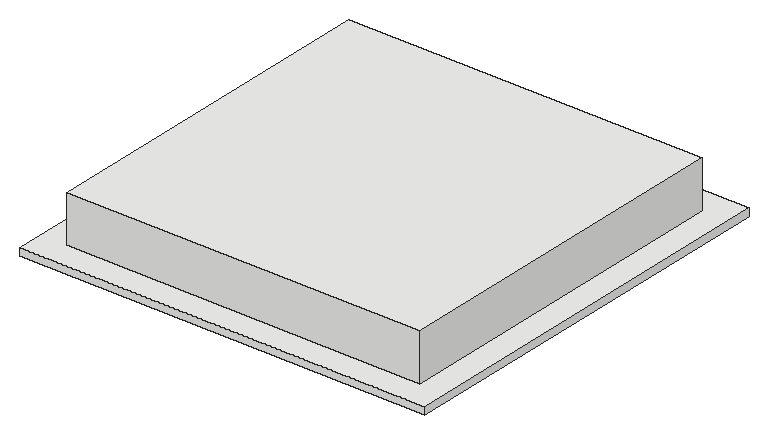
Revit family "p-260_315gb3-z", category 機械設備, Revit 2019
Family settings
  丸型コネクタ寸法 = 直径を使用
  パーツ タイプ = 標準
  OmniClass 番号 = 23.75.35.17.27
  OmniClass タイトル = Centrifugal Fans
  作業面ベース = いいえ
  常に垂直 = はい
  ロード時にボイドで切り取り = いいえ
  共有 = いいえ
  部屋計算ポイント = はい
Parameters (values of type "P-315GB3-Z")
  電圧 = 100 V
  質量 = 2.904 kg
  負荷分類 = 3_ファン類
  説明 = "ダクト用換気扇 別売グリル フルフラットインテリアタイプ<クールホワイト>"
  製造元 = "三菱電機株式会社"
  製品質量 = 2.42 kg
  製品出荷対象 = "国内"
  製品リリース年月 = "2024年4月1日"
  積算_科目 = "2 換気設備"
  相 = 1
  消費電力 = 36 W
  極数 = 2
  始動方式 [instance] = "直入"
  分類コード = "50052503100030"
  価格 = 36800
  企業コード = "108420"
  仕様書バージョン = "Version1.0"
  モデル = "P-315GB3-Z"
  マテリアル = 合成樹脂(白)
  Type Comments = ""
  Keynote = ""
  Assembly Code = ""
  Width = 430 mm
  W1 = 375 mm
  URL = "https://www.mitsubishielectric.co.jp/ldg/wink/qr/002/333542/"
  Height = 8 mm
  H1 = 50 mm
  Depth = 430 mm
  D1 = 375 mm
  Author = "三菱電機株式会社"
Types (2, lengths in mm): name | 質量 | 製品質量 | 価格 | モデル | Width | W1 | URL | H1 | Depth | D1
  P-260GB3-Z | 2.136 kg | 1.78 kg | 26500 | "P-260GB3-Z" | 370 | 315 | "https://www.mitsubishielectric.co.jp/ldg/wink/qr/002/333541/" | 40 | 370 | 315
  P-315GB3-Z | 2.904 kg | 2.42 kg | 36800 | "P-315GB3-Z" | 430 | 375 | "https://www.mitsubishielectric.co.jp/ldg/wink/qr/002/333542/" | 50 | 430 | 375
Reference planes
  plane 1 "中心(正面/背面)": y = 0
  plane 2: z = 0
  plane 3 "中心(左/右)": x = 0
  plane 4: x = -215
  plane 5: x = 215
  plane 6: y = 215
  plane 7: y = -215
  plane 8: z = -8
  plane 9: x = -187.5
  plane 10: x = 187.5
  plane 11: y = 187.5
  plane 12: y = -187.5
  plane 13: z = 50
Forms (mm)
  Extrusion 1, solid, material "合成樹脂(白)" <- "マテリアル"
    sketch origin (0, 0, 0) x (1, 0, 0) y (0, 1, 0)
      loop
        line (-215, 215) -> (-215, -215) -> (215, -215) -> (215, 215) -> (-215, 215)
    from -8 to 0
  Extrusion 2, solid, material "合成樹脂(白)" <- "マテリアル"
    sketch origin (0, 0, 0) x (1, 0, 0) y (0, 1, 0)
      loop
        line (-187.5, 187.5) -> (-187.5, -187.5) -> (187.5, -187.5) -> (187.5, 187.5) -> (-187.5, 187.5)
    from 0 to 50
Dimensions and locks
  "Width": plane 4 to plane 5
  equal spacing: plane 4, plane 3 "中心(左/右)", plane 5
  "Depth": plane 6 to plane 7
  equal spacing: plane 6, plane 1 "中心(正面/背面)", plane 7
  "Height": plane 2 to plane 8
  "H1": plane 13 to plane 2
  "D1": plane 11 to plane 12
  equal spacing: plane 11, plane 1 "中心(正面/背面)", plane 12, locked at 187.5 each
  equal spacing: plane 9, plane 3 "中心(左/右)", plane 10, locked at 187.5 each
  "W1": plane 9 to plane 10
  aligned and locked: level to plane 2
  aligned and locked: plane 6 to Extrusion 1
  aligned and locked: plane 5 to Extrusion 1
  aligned and locked: Extrusion 1 to plane 7
  aligned and locked: Extrusion 1 to plane 4
  aligned and locked: plane 2 to Extrusion 1
  aligned and locked: Extrusion 1 to plane 8
  aligned and locked: plane 7 to Extrusion 1 sketch curve
  aligned and locked: Extrusion 1 sketch curve to plane 5
  aligned and locked: plane 11 to Extrusion 2
  aligned and locked: plane 10 to Extrusion 2
  aligned and locked: Extrusion 2 to plane 12
  aligned and locked: Extrusion 2 to plane 9
  aligned and locked: plane 13 to Extrusion 2
  aligned and locked: Extrusion 2 to plane 2
Automatic sketch dimensions
  Extrusion 1 sketch curve to plane 4 = 0 mm
  Extrusion 1 sketch curve to plane 6 = 0 mm
  Extrusion 2 sketch curve to plane 9 = 0 mm
  Extrusion 2 sketch curve to plane 10 = 0 mm
  Extrusion 2 sketch curve to plane 12 = 0 mm
  Extrusion 2 sketch curve to plane 11 = 0 mm
